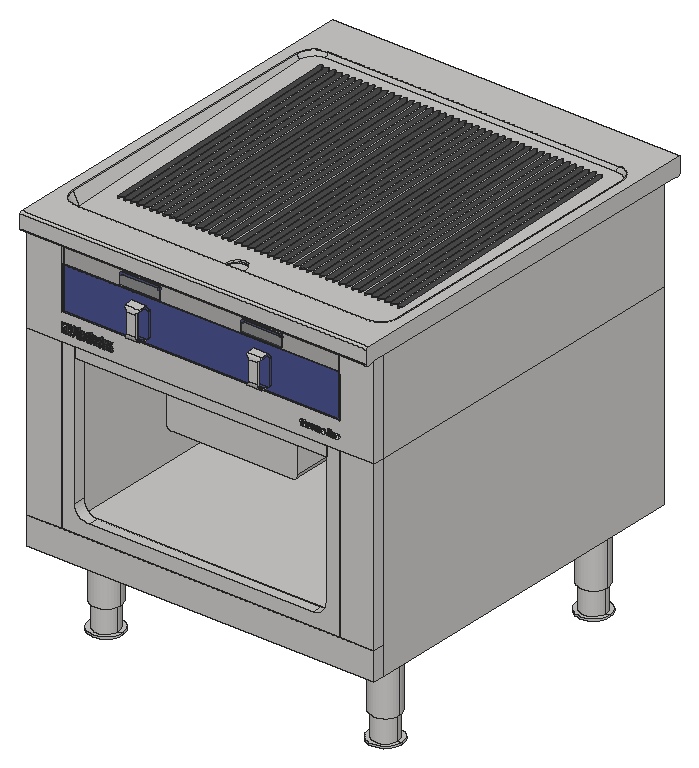
Revit family "QF_ELECTROLUXPROFESSIONAL_589839_MCH1EAH1DM", category Attrezzature speciali, Revit 2021
Family settings
  Quota connettore circolare = Usa diametro
  Tipo di parte = Normale
  Basato su piano di lavoro = No
  Sempre verticale = Sì
  Taglio con vuoti quando caricato = No
  Condiviso = No
  Punto di calcolo locali = No
Parameters (values of type "Standard")
  Weight = 150.00 kg
  Watts = 15300 W
  Volts = 440 V
  URL Manufacturer = "https://www.electroluxprofessional.com/"
  URL = "https://www.electroluxprofessional.com/"
  Steam Supply Size = 0"
  Steam Supply Minimum Pressure = 0.00 psi
  Steam Supply Maximum Pressure = 0.00 psi
  Steam Consumption per Hour = 0
  Refrigeration Suction Line Size = 0 mm
  Refrigeration Liquid Line Size = 0 mm
  Refrigerant Compressor Remote = yes
  Prospetto di default = 0 mm
  Phase = 3
  Modello = "MCH1EAH1DM"
  Produttore = "Electrolux Professional"
  Length Actual = 800 mm  # constant formula
  Item Number = "589839"
  Hot Water Size = 0"
  Height Actual = 700 mm  # constant formula
  HP = "20.5 HP"
  Gas Size = 0"
  Gas KW = 0
  Gas Input Pressure = 0.0 Btu/h
  Direct Waste Size = 0"
  Descrizione = "FRYTOP,H3,RBD,2Z,1S,800X900X700H MARINE"
  Depth Actual = 900 mm  # constant formula
  Cycle = 50 Hz
  Condensate Return Size = 0"
  Compressed Air Volume = 0 GPM
  Compressed Air Size = 0"
  Compressed Air Pressure = 0.00 psi
  Cold Water Size = 0"
  Accessory = yes
Reference planes
  plane 1 "BACK": y = 0
  plane 2: z = 0
  plane 3 "LEFT": x = 0
  plane 4 "RIGHT": x = 800
  plane 5 "FRONT": y = -900
  plane 6 "TOP": z = 900
  plane 7 "Center (Left/Right)": x = 400
  plane 8 "Center (Front/Back)": y = -425
  plane 9: y = -150
  plane 10: y = -65
  plane 11: y = -840
  plane 12 "EIY": y = -685
  plane 13: z = 938
  plane 14 "BaseTop": z = 650
  plane 15: y = -855
  plane 16 "Camino": y = -50
  plane 17 "EIx": x = 755
  plane 18: z = 1131
  plane 19 "PlaneRibbed": through (-6096, -65, 890) normal (0, -0.0251, 0.9997)
  plane 20 "Base": z = 200
Forms (mm)
  Extrusion 1, solid, material "QF_Finishes_Stainless Steel"
    sketch origin (-178.969, -4572, 100) x (-1, 0, 0) y (0, -1, 0)
      loop
        line (-178.969, -4527) -> (-178.969, -3717) -> (-978.969, -3717) -> (-978.969, -4527) -> (-178.969, -4527)
    from 550 to 762.969
  Extrusion 2, solid, material "QF_Finishes_Stainless Steel"
    sketch origin (400, 296.4, 1219.2) x (0, 1, 0) y (0, 0, 1)
      loop
        line (-296.4, -319.2) -> (-1191.4, -319.2)
        arc (-1191.4, -319.2) -> (-1194.935, -320.664) -> (-1196.4, -324.2) r 5
        line (-1196.4, -324.2) -> (-1196.4, -355.2)
        arc (-1196.4, -355.2) -> (-1194.971, -358.264) -> (-1191.705, -359.139) r 4
        line (-1191.705, -359.139) -> (-1176.4, -356.231) -> (-316.4, -356.231) -> (-301.094, -359.139)
        arc (-301.094, -359.139) -> (-297.829, -358.264) -> (-296.4, -355.2) r 4
        line (-296.4, -355.2) -> (-296.4, -319.2)
    from -400 to 400
  Extrusion 3, void
    sketch origin (0, -30, 900) x (-1, 0, 0) y (0, -1, 0)
      loop
        arc (-65, 65) -> (-36.716, 76.716) -> (-25, 105) r 40
        line (-25, 105) -> (-25, 750)
        arc (-25, 750) -> (-36.716, 778.284) -> (-65, 790) r 40
        line (-65, 790) -> (-735, 790)
        arc (-735, 790) -> (-763.284, 778.284) -> (-775, 750) r 40
        line (-775, 750) -> (-775, 105)
        arc (-775, 105) -> (-763.284, 76.716) -> (-735, 65) r 40
        line (-735, 65) -> (-65, 65)
    from 0 to -30
  Extrusion 4, solid, material "QF_Finishes_Stainless Steel"
    sketch origin (0, -50, 200) x (-1, 0, 0) y (0, -1, 0)
      loop
        circle (-755, 635) r 10.1
    from 0 to -10
  Sweep 5, solid, material "QF_Finishes_Stainless Steel"
    path origin (0, -30, 900) x (-1, 0, 0) y (0, -1, 0)
      loop
        line (-25, 105) -> (-25, 750)
        arc (-25, 750) -> (-36.716, 778.284) -> (-65, 790) r 40
        line (-65, 790) -> (-735, 790)
        arc (-735, 790) -> (-763.284, 778.284) -> (-775, 750) r 40
        line (-775, 750) -> (-775, 105)
        arc (-775, 105) -> (-763.284, 76.716) -> (-735, 65) r 40
        line (-735, 65) -> (-65, 65)
        arc (-65, 65) -> (-36.716, 76.716) -> (-25, 105) r 40
    profile origin (25, -457.5, 900) x (1, 0, 0) y (0, 0, 1)
      loop
        line (0, 0) -> (0, -30) -> (15, -30) -> (0, 0)
  Extrusion 6, void
    sketch origin (305.009, -30, 900) x (-1, 0, 0) y (0, -1, 0)
      loop
        circle (-94.991, 746) r 22.248
    from -32.282 to 0
  Extrusion 7, solid, material "QF_Finishes_Stainless Steel"
    sketch origin (400, 266.4, 1219.2) x (0, 1, 0) y (0, 0, 1)
      loop
        line (-1086.4, -349.2) -> (-361.4, -349.2) -> (-361.4, -329.2) -> (-1086.4, -347.399) -> (-1086.4, -349.2)
    from -375 to 375
  Extrusion 8, void
    sketch origin (290.252, -10, 900) x (-1, 0, 0) y (0, -1, 0)
      loop
        circle (-109.748, 765.667) r 22.248
    from -32.282 to 0
  Extrusion 9, solid, material "QF_Finishes_Stainless Steel"
    sketch origin (0, -425, 0) x (-1, 0, 0) y (0, 0, 1)
      loop
        line (-264.372, 616.232) -> (-236.622, 616.232)
        arc (-236.622, 616.232) -> (-235.738, 615.866) -> (-235.372, 614.982) r 1.25
        line (-235.372, 614.982) -> (-235.372, 584.482)
        arc (-235.372, 584.482) -> (-235.738, 583.598) -> (-236.622, 583.232) r 1.25
        line (-236.622, 583.232) -> (-249.372, 583.232) -> (-249.372, 582.232) -> (-236.622, 582.232)
        arc (-236.622, 582.232) -> (-235.031, 582.891) -> (-234.372, 584.482) r 2.25
        line (-234.372, 584.482) -> (-234.372, 614.982)
        arc (-234.372, 614.982) -> (-235.031, 616.573) -> (-236.622, 617.232) r 2.25
        line (-236.622, 617.232) -> (-264.372, 617.232) -> (-264.372, 616.232)
      loop
        line (-537.372, 616.232) -> (-537.372, 617.232) -> (-565.122, 617.232)
        arc (-565.122, 617.232) -> (-566.713, 616.573) -> (-567.372, 614.982) r 2.25
        line (-567.372, 614.982) -> (-567.372, 584.482)
        arc (-567.372, 584.482) -> (-566.713, 582.891) -> (-565.122, 582.232) r 2.25
        line (-565.122, 582.232) -> (-552.372, 582.232) -> (-552.372, 583.232) -> (-565.122, 583.232)
        arc (-565.122, 583.232) -> (-566.006, 583.598) -> (-566.372, 584.482) r 1.25
        line (-566.372, 584.482) -> (-566.372, 614.982)
        arc (-566.372, 614.982) -> (-566.006, 615.866) -> (-565.122, 616.232) r 1.25
        line (-565.122, 616.232) -> (-537.372, 616.232)
    from -365 to 360
  Extrusion 10, solid, material "QF_Finishes_Stainless Steel"
    sketch origin (0, -425, 0) x (-1, 0, 0) y (0, 0, 1)
      loop
        line (-249.872, 583.232) -> (-238.372, 583.232) -> (-238.372, 584.232) -> (-244.372, 590.232) -> (-557.372, 590.232) -> (-563.372, 584.232) -> (-563.372, 583.232) -> (-551.872, 583.232) -> (-551.872, 501.232)
        arc (-551.872, 501.232) -> (-548.65, 493.454) -> (-540.872, 490.232) r 11
        line (-540.872, 490.232) -> (-260.872, 490.232)
        arc (-260.872, 490.232) -> (-253.094, 493.454) -> (-249.872, 501.232) r 11
        line (-249.872, 501.232) -> (-249.872, 583.232)
    from -365 to 360
  Extrusion 11, void
    sketch origin (0, -425, 0) x (-1, 0, 0) y (0, 0, 1)
      loop
        line (-254.872, 501.232) -> (-254.872, 590.232) -> (-546.872, 590.232) -> (-546.872, 506.232)
        arc (-546.872, 506.232) -> (-543.65, 498.454) -> (-535.872, 495.232) r 11
        line (-535.872, 495.232) -> (-260.872, 495.232)
        arc (-260.872, 495.232) -> (-256.629, 496.99) -> (-254.872, 501.232) r 6
    from -350 to 355
  Extrusion 12, solid, material "QF_Finishes_Stainless Steel"
    sketch origin (0, -425, 0) x (-1, 0, 0) y (0, 0, 1)
      loop
        line (-690, 617.232) -> (-109.949, 617.232) -> (-109.949, 627) -> (-690, 627) -> (-690, 617.232)
    from -365 to -351.075
Cuts and joins
  Extrusion 3, Extrusion 6, Extrusion 8 cuts Extrusion 2
  Extrusion 8 cuts Sweep 5
  Extrusion 8 cuts Extrusion 7
  joined: Sweep 5, Extrusion 7
  Extrusion 11 cuts Extrusion 10
Lines and regions (mm)
  symbolic lines
    curve 1: line (0, 0, 100) -> (800, 0, 100)
    curve 2: line (0, -900, 100) -> (0, 0, 100)
    curve 3: line (800, -900, 100) -> (0, -900, 100)
    curve 4: line (800, 0, 100) -> (800, -900, 100)
    curve 5: line (734.029, -95, 0) -> (65.29, -95, 0)
    curve 6: line (65.29, -820, 0) -> (734.029, -820, 0)
    curve 7: line (65, -110, 900) -> (735, -110, 900)
    curve 8: line (735, -805, 900) -> (65, -805, 900)
    curve 9: arc (760, -780, 900) -> (752.678, -797.678, 900) -> (735, -805, 900) r 25
    curve 10: line (760, -135, 900) -> (760, -780, 900)
    curve 11: arc (735, -110, 900) -> (752.678, -117.322, 900) -> (760, -135, 900) r 25
    curve 12: circle (400, -776, 900) r 22.248 normal (0, 0, 1)
    curve 13: arc (90.5, -115.483, 900) -> (62.314, -127.096, 900) -> (50.5, -155.198, 900) r 39.994
    curve 14: line (90.5, -115.482, 900) -> (710.5, -115.482, 900)
    curve 15: line (50.5, -692.082, 900) -> (50.5, -155.198, 900)
    curve 16: arc (50.5, -692.082, 900) -> (62.314, -720.184, 900) -> (90.5, -731.797, 900) r 39.994
    curve 17: line (710.5, -731.798, 900) -> (90.5, -731.798, 900)
    curve 18: line (40.29, -738.526, 900) -> (760, -738.526, 900)
    curve 19: line (40.29, -748.526, 900) -> (760, -748.526, 900)
    curve 20: arc (65, -95, 900) -> (36.716, -106.716, 900) -> (25, -135, 900) r 40
    curve 21: line (25, -135, 900) -> (25, -780, 900)
    curve 22: arc (25, -780, 900) -> (36.716, -808.284, 900) -> (65, -820, 900) r 40
    curve 23: arc (735, -820, 900) -> (763.284, -808.284, 900) -> (775, -780, 900) r 40
    curve 24: line (775, -780, 900) -> (775, -135, 900)
    curve 25: arc (775, -135, 900) -> (763.284, -106.716, 900) -> (735, -95, 900) r 40
    curve 26: arc (709.5, -115.483, 900) -> (737.686, -127.096, 900) -> (749.5, -155.198, 900) r 39.994
    curve 27: line (749.5, -692.082, 900) -> (749.5, -155.198, 900)
    curve 28: arc (749.5, -692.082, 900) -> (737.686, -720.184, 900) -> (709.5, -731.797, 900) r 39.994
    curve 29: arc (65, -805, 900) -> (47.322, -797.678, 900) -> (40, -780, 900) r 25
    curve 30: line (40, -780, 900) -> (40, -135, 900)
    curve 31: arc (40, -135, 900) -> (47.322, -117.322, 900) -> (65, -110, 900) r 25
Dimensions and locks
  plane 3 "LEFT" to plane 4 "RIGHT" = 800 mm
  plane 5 "FRONT" to plane 1 "BACK" = 900 mm
  plane 3 "LEFT" to plane 7 "Center (Left/Right)" to plane 4 "RIGHT" = 400 mm, 400 mm
  plane 5 "FRONT" to plane 8 "Center (Front/Back)" to plane 1 "BACK" = 475 mm, 425 mm
  plane 6 "TOP" to level = 900 mm  (x2)
  plane 1 "BACK" to plane 9 = 150 mm
  plane 12 "EIY" to plane 1 "BACK" = 685 mm
  plane 13 to plane 6 "TOP" = 38 mm
  plane 10 to plane 1 "BACK" = 65 mm
  plane 5 "FRONT" to plane 11 = 60 mm
  locked: plane 6 "TOP" to plane 14 "BaseTop" at 250
  locked: plane 15 to plane 5 "FRONT" at 45
  plane 16 "Camino" to plane 1 "BACK" = 50 mm
  plane 17 "EIx" to plane 4 "RIGHT" = 45 mm
  plane 18 to plane 6 "TOP" = 231 mm
  plane 20 "Base" to level = 200 mm
  aligned and locked: level to plane 2
  aligned and locked: cut or joined group of Extrusion 2, Extrusion 3, Extrusion 6, Extrusion 8 to plane 3 "LEFT"
  aligned and locked: cut or joined group of Extrusion 2, Extrusion 3, Extrusion 6, Extrusion 8 to plane 4 "RIGHT"
  aligned and locked: nested 1 to plane 15
  aligned and locked: Extrusion 1 to plane 15
  aligned and locked: plane 3 "LEFT" to nested 1
  aligned and locked: Extrusion 1 to nested 24
  aligned and locked: nested 47 to plane 9
  aligned and locked: nested 48 to plane 9
Nested families
  nested 1: "Front_Panel_W800_2 Knobs" at (202.376, -855, 0), type "Front_Panel_W800_2 Knobs"
  nested 2: "Rib_D12" at (662.5, -409.667, 882.101) x (-1, 0, 0) z (0, -0.0251, 0.9997), type "Rib_D12"
    with Show Clearance yes, Lenght 588 mm
  nested 3: "Rib_D12" at (647.5, -409.667, 882.101) x (-1, 0, 0) z (0, -0.0251, 0.9997), type "Rib_D12"
    with Show Clearance yes, Lenght 588 mm
  nested 4: "Rib_D12" at (632.5, -409.667, 882.101) x (-1, 0, 0) z (0, -0.0251, 0.9997), type "Rib_D12"
    with Show Clearance yes, Lenght 588 mm
  nested 5: "Rib_D12" at (617.5, -409.667, 882.101) x (-1, 0, 0) z (0, -0.0251, 0.9997), type "Rib_D12"
    with Show Clearance yes, Lenght 588 mm
  nested 6: "Rib_D12" at (602.5, -409.667, 882.101) x (-1, 0, 0) z (0, -0.0251, 0.9997), type "Rib_D12"
    with Show Clearance yes, Lenght 588 mm
  nested 7: "Rib_D12" at (587.5, -409.667, 882.101) x (-1, 0, 0) z (0, -0.0251, 0.9997), type "Rib_D12"
    with Show Clearance yes, Lenght 588 mm
  nested 8: "Rib_D12" at (572.5, -409.667, 882.101) x (-1, 0, 0) z (0, -0.0251, 0.9997), type "Rib_D12"
    with Show Clearance yes, Lenght 588 mm
  nested 9: "Rib_D12" at (557.5, -409.667, 882.101) x (-1, 0, 0) z (0, -0.0251, 0.9997), type "Rib_D12"
    with Show Clearance yes, Lenght 588 mm
  nested 10: "Rib_D12" at (542.5, -409.667, 882.101) x (-1, 0, 0) z (0, -0.0251, 0.9997), type "Rib_D12"
    with Show Clearance yes, Lenght 588 mm
  nested 11: "Rib_D12" at (527.5, -409.667, 882.101) x (-1, 0, 0) z (0, -0.0251, 0.9997), type "Rib_D12"
    with Show Clearance yes, Lenght 588 mm
  nested 12: "Rib_D12" at (512.5, -409.667, 882.101) x (-1, 0, 0) z (0, -0.0251, 0.9997), type "Rib_D12"
    with Show Clearance yes, Lenght 588 mm
  nested 13: "Rib_D12" at (497.5, -409.667, 882.101) x (-1, 0, 0) z (0, -0.0251, 0.9997), type "Rib_D12"
    with Show Clearance yes, Lenght 588 mm
  nested 14: "Rib_D12" at (722.5, -409.667, 882.101) x (-1, 0, 0) z (0, -0.0251, 0.9997), type "Rib_D12"
    with Show Clearance yes, Lenght 588 mm
  nested 15: "Rib_D12" at (707.5, -409.667, 882.101) x (-1, 0, 0) z (0, -0.0251, 0.9997), type "Rib_D12"
    with Show Clearance yes, Lenght 588 mm
  nested 16: "Rib_D12" at (692.5, -409.667, 882.101) x (-1, 0, 0) z (0, -0.0251, 0.9997), type "Rib_D12"
    with Show Clearance yes, Lenght 588 mm
  nested 17: "Rib_D12" at (677.5, -409.667, 882.101) x (-1, 0, 0) z (0, -0.0251, 0.9997), type "Rib_D12"
    with Show Clearance yes, Lenght 588 mm
  nested 18: "Rib_D12" at (482.5, -409.667, 882.101) x (-1, 0, 0) z (0, -0.0251, 0.9997), type "Rib_D12"
    with Show Clearance yes, Lenght 588 mm
  nested 19: "Rib_D12" at (467.5, -409.667, 882.101) x (-1, 0, 0) z (0, -0.0251, 0.9997), type "Rib_D12"
    with Show Clearance yes, Lenght 588 mm
  nested 20: "Rib_D12" at (452.5, -409.667, 882.101) x (-1, 0, 0) z (0, -0.0251, 0.9997), type "Rib_D12"
    with Show Clearance yes, Lenght 588 mm
  nested 21: "Rib_D12" at (437.5, -409.667, 882.101) x (-1, 0, 0) z (0, -0.0251, 0.9997), type "Rib_D12"
    with Show Clearance yes, Lenght 588 mm
  nested 22: "Rib_D12" at (422.5, -409.667, 882.101) x (-1, 0, 0) z (0, -0.0251, 0.9997), type "Rib_D12"
    with Show Clearance yes, Lenght 588 mm
  nested 23: "Rib_D12" at (407.5, -409.667, 882.101) x (-1, 0, 0) z (0, -0.0251, 0.9997), type "Rib_D12"
    with Show Clearance yes, Lenght 588 mm
  nested 24: "QF_ELECTROLUXPROFESSIONAL_589840_BASE" at (0, 0, 0), type "QF_ELECTROLUXPROFESSIONAL_589840_BASE"
    with Type Mark "", Specification by User "", Revision Code "", Item Number "", Installed By "", Identify Quantity as Lot yes, Furnished By "", Foodservice Equipment Identifier yes
  nested 25: "Rib_D12" at (137.5, -409.667, 882.101) x (1, 0, 0) z (0, -0.0251, 0.9997), type "Rib_D12"
    with Show Clearance yes, Lenght 588 mm
  nested 26: "Rib_D12" at (152.5, -409.667, 882.101) x (1, 0, 0) z (0, -0.0251, 0.9997), type "Rib_D12"
    with Show Clearance yes, Lenght 588 mm
  nested 27: "Rib_D12" at (167.5, -409.667, 882.101) x (1, 0, 0) z (0, -0.0251, 0.9997), type "Rib_D12"
    with Show Clearance yes, Lenght 588 mm
  nested 28: "Rib_D12" at (182.5, -409.667, 882.101) x (1, 0, 0) z (0, -0.0251, 0.9997), type "Rib_D12"
    with Show Clearance yes, Lenght 588 mm
  nested 29: "Rib_D12" at (197.5, -409.667, 882.101) x (1, 0, 0) z (0, -0.0251, 0.9997), type "Rib_D12"
    with Show Clearance yes, Lenght 588 mm
  nested 30: "Rib_D12" at (212.5, -409.667, 882.101) x (1, 0, 0) z (0, -0.0251, 0.9997), type "Rib_D12"
    with Show Clearance yes, Lenght 588 mm
  nested 31: "Rib_D12" at (227.5, -409.667, 882.101) x (1, 0, 0) z (0, -0.0251, 0.9997), type "Rib_D12"
    with Show Clearance yes, Lenght 588 mm
  nested 32: "Rib_D12" at (242.5, -409.667, 882.101) x (1, 0, 0) z (0, -0.0251, 0.9997), type "Rib_D12"
    with Show Clearance yes, Lenght 588 mm
  nested 33: "Rib_D12" at (257.5, -409.667, 882.101) x (1, 0, 0) z (0, -0.0251, 0.9997), type "Rib_D12"
    with Show Clearance yes, Lenght 588 mm
  nested 34: "Rib_D12" at (272.5, -409.667, 882.101) x (1, 0, 0) z (0, -0.0251, 0.9997), type "Rib_D12"
    with Show Clearance yes, Lenght 588 mm
  nested 35: "Rib_D12" at (287.5, -409.667, 882.101) x (1, 0, 0) z (0, -0.0251, 0.9997), type "Rib_D12"
    with Show Clearance yes, Lenght 588 mm
  nested 36: "Rib_D12" at (302.5, -409.667, 882.101) x (1, 0, 0) z (0, -0.0251, 0.9997), type "Rib_D12"
    with Show Clearance yes, Lenght 588 mm
  nested 37: "Rib_D12" at (77.5, -409.667, 882.101) x (1, 0, 0) z (0, -0.0251, 0.9997), type "Rib_D12"
    with Show Clearance yes, Lenght 588 mm
  nested 38: "Rib_D12" at (92.5, -409.667, 882.101) x (1, 0, 0) z (0, -0.0251, 0.9997), type "Rib_D12"
    with Show Clearance yes, Lenght 588 mm
  nested 39: "Rib_D12" at (107.5, -409.667, 882.101) x (1, 0, 0) z (0, -0.0251, 0.9997), type "Rib_D12"
    with Show Clearance yes, Lenght 588 mm
  nested 40: "Rib_D12" at (122.5, -409.667, 882.101) x (1, 0, 0) z (0, -0.0251, 0.9997), type "Rib_D12"
    with Show Clearance yes, Lenght 588 mm
  nested 41: "Rib_D12" at (317.5, -409.667, 882.101) x (1, 0, 0) z (0, -0.0251, 0.9997), type "Rib_D12"
    with Show Clearance yes, Lenght 588 mm
  nested 42: "Rib_D12" at (332.5, -409.667, 882.101) x (1, 0, 0) z (0, -0.0251, 0.9997), type "Rib_D12"
    with Show Clearance yes, Lenght 588 mm
  nested 43: "Rib_D12" at (347.5, -409.667, 882.101) x (1, 0, 0) z (0, -0.0251, 0.9997), type "Rib_D12"
    with Show Clearance yes, Lenght 588 mm
  nested 44: "Rib_D12" at (362.5, -409.667, 882.101) x (1, 0, 0) z (0, -0.0251, 0.9997), type "Rib_D12"
    with Show Clearance yes, Lenght 588 mm
  nested 45: "Rib_D12" at (377.5, -409.667, 882.101) x (1, 0, 0) z (0, -0.0251, 0.9997), type "Rib_D12"
    with Show Clearance yes, Lenght 588 mm
  nested 46: "Rib_D12" at (392.5, -409.667, 882.101) x (1, 0, 0) z (0, -0.0251, 0.9997), type "Rib_D12"
    with Show Clearance yes, Lenght 588 mm
  nested 47: "FEET200_MARINE" at (78, -150, 0), type "FEET200_MARINE"
  nested 48: "FEET200_MARINE" at (722, -150, 0), type "FEET200_MARINE"
  nested 49: "FEET200_MARINE" at (78, -750, 0), type "FEET200_MARINE"
  nested 50: "FEET200_MARINE" at (722, -750, 0), type "FEET200_MARINE"
Connectors
  electrical at (755, -685, 190), driven by "Volts"
    settings: on Extrusion 4, index 1, voltage 440 V, apparent load 0 VA, apparent load phase1 0 VA, apparent load phase2 0 VA, apparent load phase3 0 VA, power factor 1, load classification "Other", number of poles 1, system type 30, power factor state 1, is connector primary yes, connector utility no, sub classification motor no, connector description "Electrical Connection"
Definition of nested family "Front_Panel_W800_2 Knobs"
  Parameters
    Default Elevation = 0 mm
  Reference planes
    plane 1 "Center (Front/Back)": y = 0
    plane 2: z = 0
    plane 3 "Center (Left/Right)": x = 197.624
    plane 4 "Left": x = -202.376
    plane 5 "Right": x = 597.624
    plane 6: y = -45
    plane 7: x = 127.624
    plane 8: x = 57.624
    plane 9: x = 337.624
    plane 10: x = 517.624
    plane 11: x = -122.376
    plane 12 "Panel": y = -25
  Forms (mm)
    Extrusion 1, solid
      sketch origin (833.217, 829.203, -1.25) x (0, 1, 0) y (0, 0, 1)
        loop
          line (-854.203, 651.25) -> (-829.203, 651.25) -> (-829.203, 864.25) -> (-854.203, 864.25) -> (-854.203, 651.25)
      from -1035.593 to -235.593
    Extrusion 2, void
      sketch origin (0, 0, 0) x (1, 0, 0) y (0, 0, 1)
        loop
          line (-122.376, 853.866) -> (-122.376, 711.866) -> (517.624, 711.866) -> (517.624, 853.866) -> (-122.376, 853.866)
      from 19.387 to 33.951
  Cuts and joins
    Extrusion 2 cuts Extrusion 1
  Dimensions and locks
    equal spacing: plane 5 "Right", plane 3 "Center (Left/Right)", plane 4 "Left"
    plane 5 "Right" to plane 4 "Left" = 800 mm
    plane 3 "Center (Left/Right)" to plane 7 = 70 mm
    plane 9 to plane 3 "Center (Left/Right)" = 140 mm
    plane 3 "Center (Left/Right)" to plane 8 = 140 mm
    aligned and locked: cut or joined group of Extrusion 1, Extrusion 2 to plane 4 "Left"
    aligned and locked: plane 5 "Right" to cut or joined group of Extrusion 1, Extrusion 2
    aligned and locked: plane 3 "Center (Left/Right)" to nested 1
    aligned and locked: cut or joined group of Extrusion 1, Extrusion 2 to nested 1
    aligned and locked: nested 5 to plane 11
  Automatic sketch dimensions
    Extrusion 1 sketch curve to plane 1 "Center (Front/Back)" = 0 mm
    level to Extrusion 1 sketch curve = 650 mm
    plane 4 "Left" to Extrusion 2 sketch curve = 80 mm
    Extrusion 2 sketch curve to plane 5 "Right" = 80 mm
    level to Extrusion 2 sketch curve = 711.866 mm
    Extrusion 2 sketch curve to Extrusion 2 sketch curve = 142 mm
    Extrusion 1 sketch curve to plane 6 = 20 mm
    Extrusion 1 sketch curve to Extrusion 1 sketch curve = 213 mm
  Nested families
    nested 1: "Front glass control panel W800_Two" at (197.624, 280.644, 2.752), type "Front glass control panel W800_Two"
    nested 2: "Range Control Handle" at (57.851, -28.137, -209.113) x (-1, 0, 0) z (0, 0, 1), type "Range Control Handle"
    nested 3: "Range Control Handle" at (337.624, -28.137, -209.113), type "Range Control Handle"
    nested 4: "ELX_ThermaLine_Small" at (469.031, -25, 679.402) x (1, 0, 0) z (0, -1, 0), type "ELX_ThermaLine_Small"
      with Show Logo yes, Material_Logo none
    nested 5: "ELX_Professional_Logo_Small" at (-62.89, -25, 681.634) x (1, 0, 0) z (0, -1, 0), type "ELX_Professional_Logo_Small"
      with Show Logo yes, Material_Logo none
  Definition of nested family "Front glass control panel W800_Two"
    Parameters
      Default Elevation = 0 mm
    Reference planes
      plane 1 "Center (Front/Back)": y = 0
      plane 2: z = 0
      plane 3 "Center (Left/Right)": x = 0
      plane 4: x = -140
      plane 5: x = 140
    Forms (mm)
      Extrusion 1, solid
        sketch origin (378.286, 0, 0.617) x (1, 0, 0) y (0, 0, 1)
          loop
            line (-698.286, 806.791) -> (-698.286, 708.497) -> (-58.286, 708.497) -> (-58.286, 806.791) -> (-698.286, 806.791)
        from 300.031 to 304.8
      Extrusion 2, solid
        sketch origin (378.286, 0, 0.617) x (1, 0, 0) y (0, 0, 1)
          loop
            line (-698.286, 850.497) -> (-698.286, 806.791) -> (-58.286, 806.791) -> (-58.286, 850.497) -> (-698.286, 850.497)
        from 300.031 to 304.8
      Extrusion 3, void
        sketch origin (378.286, 0, 0.617) x (1, 0, 0) y (0, 0, 1)
          loop
            line (-695.628, 847.565) -> (-695.628, 710.699) -> (-61.196, 710.699) -> (-61.196, 847.565) -> (-695.628, 847.565)
        from 303.697 to 304.8
      Extrusion 4, solid
        sketch origin (-448.309, 1.101, -0.633) x (-1, 0, 0) y (0, 0, -1)
          loop
            line (-261.431, -812.62) -> (-355.186, -812.62) -> (-355.186, -834.177) -> (-350.269, -834.177) -> (-348.469, -835.977) -> (-268.039, -835.977) -> (-266.24, -834.177) -> (-261.431, -834.177) -> (-261.431, -812.62)
        from 304.798 to 306.745
      Extrusion 5, solid
        sketch origin (-448.309, 1.101, -0.633) x (-1, 0, 0) y (0, 0, -1)
          loop
            line (-350.269, -834.177) -> (-355.078, -834.177)
            arc (-355.078, -834.177) -> (-353.942, -838.747) -> (-349.686, -840.763) r 5.5
            line (-349.686, -840.763) -> (-266.98, -840.763)
            arc (-266.98, -840.763) -> (-262.706, -838.752) -> (-261.529, -834.177) r 5.549
            line (-261.529, -834.177) -> (-266.24, -834.177) -> (-268.039, -835.977) -> (-348.469, -835.977) -> (-350.269, -834.177)
        from 304.798 to 306.745
      Extrusion 6, solid
        sketch origin (448.309, 1.101, -0.633) x (1, 0, 0) y (0, 0, 1)
          loop
            line (-261.431, 812.62) -> (-261.431, 834.177) -> (-266.24, 834.177) -> (-268.039, 835.977) -> (-348.469, 835.977) -> (-350.269, 834.177) -> (-355.186, 834.177) -> (-355.186, 812.62) -> (-261.431, 812.62)
        from 304.798 to 306.745
      Extrusion 7, solid
        sketch origin (448.309, 1.101, -0.633) x (1, 0, 0) y (0, 0, 1)
          loop
            line (-350.269, 834.177) -> (-348.469, 835.977) -> (-268.039, 835.977) -> (-266.24, 834.177) -> (-261.529, 834.177)
            arc (-261.529, 834.177) -> (-262.706, 838.752) -> (-266.98, 840.763) r 5.549
            line (-266.98, 840.763) -> (-349.686, 840.763)
            arc (-349.686, 840.763) -> (-353.942, 838.747) -> (-355.078, 834.177) r 5.5
            line (-355.078, 834.177) -> (-350.269, 834.177)
        from 304.798 to 306.745
    Cuts and joins
      Extrusion 3 cuts Extrusion 1
      Extrusion 3 cuts Extrusion 2
    Dimensions and locks
      plane 3 "Center (Left/Right)" to plane 4 = 140 mm
      plane 5 to plane 3 "Center (Left/Right)" = 140 mm
      aligned and locked: Extrusion 1 to Extrusion 2
      aligned and locked: Extrusion 5 sketch curve to Extrusion 4  (x5)
      aligned and locked: Extrusion 5 to Extrusion 4
      aligned and locked: Extrusion 7 sketch curve to Extrusion 6  (x4)
      aligned and locked: Extrusion 6 to Extrusion 7 sketch curve
      aligned and locked: Extrusion 7 to Extrusion 6
  Definition of nested family "Range Control Handle"
    Parameters
      Default Elevation = 0 mm
    Reference planes
      plane 1 "Center (Front/Back)": y = 0
      plane 2: z = 0
      plane 3 "Center (Left/Right)": x = 0
      plane 4: z = 971.092
      plane 5: y = -16.9
    Forms (mm)
      Extrusion 1, solid
        sketch origin (-746.28, 380.497, 208.931) x (-1, 0, 0) y (0, 0, 1)
          loop
            line (-770.101, 786.798) -> (-770.101, 731.649)
            arc (-770.101, 731.649) -> (-769.759, 730.563) -> (-768.855, 729.87) r 1.893
            line (-768.855, 729.87) -> (-763.474, 727.911) -> (-729.81, 727.911) -> (-724.428, 729.87)
            arc (-724.428, 729.87) -> (-723.525, 730.563) -> (-723.183, 731.649) r 1.893
            line (-723.183, 731.649) -> (-723.183, 786.798)
            arc (-723.183, 786.798) -> (-723.529, 787.894) -> (-724.44, 788.593) r 1.91
            line (-724.44, 788.593) -> (-729.683, 790.819) -> (-763.601, 790.819) -> (-768.844, 788.593)
            arc (-768.844, 788.593) -> (-769.755, 787.894) -> (-770.101, 786.798) r 1.91
        from -382.35 to -378.852
      Sweep 2, solid
        path origin (-746.788, 380.496, 208.091) x (0, -1, 0) y (0, 0, 1)
          loop
            line (379.775, 793.281) -> (395.661, 791.048)
            arc (395.661, 791.048) -> (397.781, 787.377) -> (398.517, 783.202) r 12.207
            line (398.517, 783.202) -> (398.517, 737.368)
            arc (398.517, 737.368) -> (397.781, 733.193) -> (395.661, 729.522) r 12.207
            line (395.661, 729.522) -> (379.775, 727.289)
        profile origin (-746.788, -7.222, 1000.256) x (0, -0.139173, 0.990268) y (-1, 0, 0)
          loop
            line (0.782, -763.123) -> (0.782, -730.907) -> (-1.322, -730.907) -> (-1.322, -763.123) -> (0.782, -763.123)
      Sweep 3, solid
        path origin (-746.788, 380.715, 207.832) x (0, -1, 0) y (0, 0, 1)
          loop
            line (380.478, 795.442) -> (397.218, 793.09)
            arc (397.218, 793.09) -> (399.929, 788.473) -> (400.871, 783.202) r 15.207
            line (400.871, 783.202) -> (400.871, 737.584)
            arc (400.871, 737.584) -> (399.914, 732.274) -> (397.164, 727.633) r 15.207
            line (397.164, 727.633) -> (380.601, 725.305)
        profile origin (-746.788, -8.132, 1002.099) x (0, -0.139173, 0.990268) y (-1, 0, 0)
          loop
            line (0.782, -763.123) -> (0.782, -730.907) -> (-1.322, -730.907) -> (-1.322, -763.123) -> (0.782, -763.123)
      Extrusion 4, void
        sketch origin (889.253, 220.666, 207.993) x (1, 0, 0) y (0, 0, 1)
          loop
            line (-943.038, 816.854) -> (-943.038, 703.686) -> (-899.466, 734.196) -> (-899.466, 786.344) -> (-943.038, 816.854)
        from 230.636 to 242.25
      Extrusion 5, void
        sketch origin (-888.8, 220.666, 207.993) x (-1, 0, 0) y (0, 0, -1)
          loop
            line (-943.038, -816.854) -> (-899.466, -786.344) -> (-899.466, -734.196) -> (-943.038, -703.686) -> (-943.038, -816.854)
        from 230.636 to 242.25
      Extrusion 6, solid
        sketch origin (0, 0, 0) x (1, 0, 0) y (0, 0, 1)
          loop
            circle (0, 971.092) r 7.736
        from -3.137 to -1.645
    Cuts and joins
      Extrusion 4, Extrusion 5 cuts Sweep 3
      Extrusion 4, Extrusion 5 cuts Sweep 2
      joined: Extrusion 1, Extrusion 6
    Lines and regions (mm)
      symbolic lines
        curve 1: line (16.334, -16.9, 0) -> (16.334, -19.227, 0)
        curve 2: spline (16.334, -19.227, 0) -> (15.87, -19.385, 0) -> (15.404, -19.536, 0) -> (14.936, -19.678, 0) -> (14.466, -19.813, 0) -> (13.995, -19.94, 0) -> (13.523, -20.059, 0) -> (13.049, -20.171, 0) -> (12.575, -20.274, 0) -> (12.099, -20.37, 0) -> (11.622, -20.458, 0) -> (11.144, -20.537, 0) -> (10.666, -20.609, 0)
        curve 3: line (10.666, -16.9, 0) -> (10.666, -20.938, 0)
        curve 4: line (-10.213, -20.938, 0) -> (10.666, -20.938, 0)
        curve 5: line (-10.213, -20.938, 0) -> (-10.213, -16.9, 0)
        curve 6: spline (-10.213, -20.609, 0) -> (-10.691, -20.537, 0) -> (-11.169, -20.458, 0) -> (-11.646, -20.37, 0) -> (-12.122, -20.274, 0) -> (-12.597, -20.171, 0) -> (-13.07, -20.059, 0) -> (-13.542, -19.94, 0) -> (-14.013, -19.813, 0) -> (-14.483, -19.678, 0) -> (-14.951, -19.536, 0) -> (-15.417, -19.385, 0) -> (-15.881, -19.227, 0)
        curve 7: line (-15.881, -19.227, 0) -> (-15.881, -16.9, 0)
  Definition of nested family "ELX_ThermaLine_Small"
    Parameters
      Show Logo [instance] = yes
      Material_Logo [instance] = none
      Default Elevation = 0 mm
    Reference planes
      plane 1 "Centro (Fronte/Retro)": y = 0
      plane 2: z = 0
      plane 3 "Centro (Sinistra/Destra)": x = 0
    Forms (mm)
      Extrusion 1, solid
        sketch origin (0, 0, 0) x (1, 0, 0) y (0, 1, 0)
          loop
            line (-1219.2, 1219.2) -> (-1219.2, -1219.2) -> (1219.2, -1219.2) -> (1219.2, 1219.2) -> (-1219.2, 1219.2)
        from 0 to -304.8
      Extrusion 2, solid
        sketch origin (0, 0, 0) x (1, 0, 0) y (0, 1, 0)
          loop
            line (-37.494, 1.229) -> (-35.908, 1.229) -> (-35.908, 3.066) -> (-37.494, 3.066) -> (-37.494, 6.221) -> (-39.867, 4.881) -> (-39.867, 3.066) -> (-40.969, 3.066) -> (-40.969, 1.229) -> (-39.867, 1.229) -> (-39.867, -3.407)
            arc (-39.867, -3.407) -> (-38.982, -5.513) -> (-36.751, -6.001) r 2.478
            line (-36.751, -6.001) -> (-35.638, -5.7) -> (-35.9, -3.835) -> (-36.661, -4.039)
            arc (-36.661, -4.039) -> (-37.236, -3.924) -> (-37.494, -3.399) r 0.662
            line (-37.494, -3.399) -> (-37.494, 1.229)
          loop
            line (-34.242, 6.539) -> (-34.242, -5.848) -> (-31.854, -5.848) -> (-31.854, -0.078)
            arc (-31.854, -0.078) -> (-30.939, 1.249) -> (-29.33, 1.367) r 1.866
            arc (-29.33, 1.367) -> (-28.695, 0.768) -> (-28.461, -0.073) r 1.627
            line (-28.461, -0.073) -> (-28.461, -5.848) -> (-26.086, -5.848) -> (-26.064, -0.46)
            arc (-26.064, -0.46) -> (-26.261, 0.932) -> (-26.786, 2.237) r 5.825
            arc (-26.786, 2.237) -> (-29.381, 3.264) -> (-31.854, 1.971) r 3.353
            line (-31.854, 1.971) -> (-31.854, 6.539) -> (-34.242, 6.539)
          loop
            arc (-18.398, -0.598) -> (-18.893, 0.879) -> (-20.326, 1.487) r 1.897
            arc (-20.326, 1.487) -> (-21.461, 0.708) -> (-21.897, -0.598) r 2.164
            line (-21.897, -0.598) -> (-18.398, -0.598)
          loop
            arc (-16.021, -2.044) -> (-16.754, 1.227) -> (-19.444, 3.226) r 4.814
            arc (-19.444, 3.226) -> (-22.137, 2.788) -> (-23.943, 0.743) r 4.054
            arc (-23.943, 0.743) -> (-24.382, -1.249) -> (-24.162, -3.276) r 6.289
            arc (-24.162, -3.276) -> (-23.302, -4.71) -> (-21.958, -5.705) r 4.28
            arc (-21.958, -5.705) -> (-18.558, -5.814) -> (-16.152, -3.409) r 4.28
            line (-16.152, -3.409) -> (-18.5, -2.995)
            arc (-18.5, -2.995) -> (-19.273, -3.994) -> (-20.533, -4.076) r 1.536
            arc (-20.533, -4.076) -> (-21.56, -3.281) -> (-21.958, -2.044) r 2.197
            line (-21.958, -2.044) -> (-16.021, -2.044)
          loop
            line (-14.165, -5.848) -> (-11.819, -5.848) -> (-11.819, -2.138)
            arc (-11.819, -2.138) -> (-11.787, -1.156) -> (-11.637, -0.185) r 8.18
            arc (-11.637, -0.185) -> (-10.644, 0.972) -> (-9.132, 0.776) r 1.603
            line (-9.132, 0.776) -> (-8.419, 2.846)
            arc (-8.419, 2.846) -> (-10.432, 3.118) -> (-11.994, 1.821) r 2.527
            line (-11.994, 1.821) -> (-11.994, 3.094) -> (-14.165, 3.094) -> (-14.165, -5.848)
          loop
            line (-7.579, 3.094) -> (-7.579, -5.848) -> (-5.178, -5.848) -> (-5.178, -0.756)
            arc (-5.178, -0.756) -> (-4.727, 0.679) -> (-3.417, 1.419) r 2.05
            arc (-3.417, 1.419) -> (-2.499, 0.908) -> (-2.155, -0.085) r 1.471
            line (-2.155, -0.085) -> (-2.155, -5.848) -> (0.23, -5.848) -> (0.23, -1.001)
            arc (0.23, -1.001) -> (0.47, 0.127) -> (1.148, 1.061) r 2.775
            arc (1.148, 1.061) -> (2.225, 1.329) -> (3.05, 0.587) r 1.182
            arc (3.05, 0.587) -> (3.199, -0.019) -> (3.214, -0.642) r 2.894
            line (3.214, -0.642) -> (3.214, -5.848) -> (5.601, -5.848) -> (5.601, 0.261)
            arc (5.601, 0.261) -> (4.87, 2.263) -> (2.976, 3.241) r 2.932
            arc (2.976, 3.241) -> (1.284, 2.973) -> (-0.047, 1.896) r 3.309
            arc (-0.047, 1.896) -> (-1.116, 2.865) -> (-2.506, 3.258) r 3.16
            arc (-2.506, 3.258) -> (-4.105, 2.942) -> (-5.376, 1.92) r 3.419
            line (-5.376, 1.92) -> (-5.376, 3.094) -> (-7.579, 3.094)
          loop
            line (7.583, 0.738) -> (9.702, 0.364)
            arc (9.702, 0.364) -> (11.441, 1.492) -> (12.855, -0.023) r 1.613
            line (12.855, -0.023) -> (9.782, -0.789)
            arc (9.782, -0.789) -> (8.559, -1.346) -> (7.617, -2.305) r 3.687
            arc (7.617, -2.305) -> (7.499, -3.681) -> (7.901, -5.003) r 3.651
            arc (7.901, -5.003) -> (9.107, -5.766) -> (10.515, -6.006) r 3.635
            arc (10.515, -6.006) -> (11.898, -5.697) -> (13.067, -4.895) r 3.734
            line (13.067, -4.895) -> (13.376, -5.848) -> (15.75, -5.848) -> (15.212, -4.193) -> (15.212, 0.38)
            arc (15.212, 0.38) -> (14.897, 1.849) -> (13.818, 2.895) r 2.585
            arc (13.818, 2.895) -> (11.792, 3.442) -> (9.719, 3.11) r 5.005
            arc (9.719, 3.11) -> (8.369, 2.178) -> (7.583, 0.738) r 3.54
          loop
            line (19.723, -5.848) -> (22.233, -5.848) -> (24.854, 6.484) -> (22.345, 6.484) -> (19.723, -5.848)
          loop
            line (24.583, -5.848) -> (26.953, -5.848) -> (28.848, 3.066) -> (26.478, 3.066) -> (24.583, -5.848)
          loop
            line (27.204, 6.484) -> (26.741, 4.305) -> (29.111, 4.305) -> (29.575, 6.484) -> (27.204, 6.484)
          loop
            line (29.355, -5.848) -> (31.849, -5.848) -> (33.098, 0.028)
            arc (33.098, 0.028) -> (34.169, 1.306) -> (35.832, 1.422) r 2.132
            arc (35.832, 1.422) -> (36.324, 0.752) -> (36.383, -0.078) r 1.5
            line (36.383, -0.078) -> (35.157, -5.848) -> (37.536, -5.848) -> (38.936, 0.738)
            arc (38.936, 0.738) -> (38.775, 2.091) -> (37.825, 3.066) r 2.118
            arc (37.825, 3.066) -> (35.392, 3.175) -> (33.295, 1.937) r 4.271
            line (33.295, 1.937) -> (33.535, 3.066) -> (31.25, 3.066) -> (29.355, -5.848)
          loop
            line (42.792, -0.64) -> (46.589, -0.64)
            arc (46.589, -0.64) -> (46.639, 0.124) -> (46.327, 0.823) r 1.589
            arc (46.327, 0.823) -> (45.117, 1.521) -> (43.762, 1.183) r 1.865
            arc (43.762, 1.183) -> (43.141, 0.344) -> (42.792, -0.64) r 3.538
          loop
            line (42.565, -2.138) -> (48.593, -2.138)
            arc (48.593, -2.138) -> (48.58, 0.597) -> (46.983, 2.818) r 4.494
            arc (46.983, 2.818) -> (44.191, 3.28) -> (41.725, 1.891) r 4.26
            arc (41.725, 1.891) -> (40.503, -0.3) -> (40.284, -2.799) r 6.003
            arc (40.284, -2.799) -> (40.959, -4.468) -> (42.377, -5.576) r 3.482
            arc (42.377, -5.576) -> (44.265, -5.961) -> (46.152, -5.576) r 4.823
            arc (46.152, -5.576) -> (47.432, -4.731) -> (48.328, -3.485) r 4.245
            line (48.328, -3.485) -> (46.168, -3.105)
            arc (46.168, -3.105) -> (45.214, -4.072) -> (43.859, -4.181) r 1.953
            arc (43.859, -4.181) -> (42.821, -3.408) -> (42.565, -2.138) r 1.81
          loop
            line (12.868, -1.553) -> (10.216, -2.214)
            arc (10.216, -2.214) -> (9.747, -3.136) -> (10.216, -4.058) r 1.14
            arc (10.216, -4.058) -> (11.537, -4.249) -> (12.614, -3.46) r 1.763
            arc (12.614, -3.46) -> (12.858, -2.522) -> (12.868, -1.553) r 3.97
        from 0 to 1.6
    Dimensions and locks
      aligned and locked: plane 2 to Extrusion 1
      aligned and locked: level to Extrusion 1
  Definition of nested family "ELX_Professional_Logo_Small"
    Parameters
      Show Logo [instance] = yes
      Material_Logo [instance] = none
      Default Elevation = 0 mm
    Reference planes
      plane 1 "Centro (Fronte/Retro)": y = 0
      plane 2: z = 0
      plane 3 "Centro (Sinistra/Destra)": x = 0
    Forms (mm)
      Extrusion 1, solid
        sketch origin (0, 0, 0) x (1, 0, 0) y (0, 1, 0)
          loop
            line (-1219.2, 1219.2) -> (-1219.2, -1219.2) -> (1219.2, -1219.2) -> (1219.2, 1219.2) -> (-1219.2, 1219.2)
        from 0 to -304.8
      Extrusion 2, solid, material <- "Material_Logo"
        sketch origin (15.5, 0, 0) x (1, 0, 0) y (0, 1, 0)
          loop
            spline (-42.99, -1.24) -> (-43.195, -1.231) -> (-43.415, -1.203) -> (-43.642, -1.152) -> (-43.87, -1.074) -> (-44.095, -0.966) -> (-44.309, -0.825) -> (-44.506, -0.647) -> (-44.681, -0.429) -> (-44.828, -0.167) -> (-44.94, 0.142) -> (-45.011, 0.501) -> (-45.037, 0.915)
            line (-45.037, 0.915) -> (-45.037, 2.748) -> (-38.984, 2.748) -> (-38.984, 5.086) -> (-45.038, 5.086) -> (-45.038, 8.489) -> (-38.599, 8.489) -> (-38.599, 10.82) -> (-47.515, 10.82) -> (-47.515, 1.021)
            spline (-47.515, 1.021) -> (-47.493, 0.418) -> (-47.425, -0.15) -> (-47.311, -0.682) -> (-47.15, -1.175) -> (-46.939, -1.628) -> (-46.678, -2.038) -> (-46.365, -2.404) -> (-46, -2.723) -> (-45.58, -2.995) -> (-45.105, -3.216) -> (-44.573, -3.385) -> (-43.983, -3.499)
            line (-43.983, -3.499) -> (-43.01, -3.569) -> (-38.426, -3.569) -> (-38.426, -1.24) -> (-42.99, -1.24)
          loop
            line (-36.666, 4.021) -> (-36.666, -3.573) -> (-34.188, -3.573) -> (-34.188, 10.824) -> (-36.666, 10.824) -> (-36.666, 4.021)
          loop
            spline (-21.915, 1.897) -> (-21.957, 2.615) -> (-22.082, 3.303) -> (-22.285, 3.955) -> (-22.563, 4.564) -> (-22.913, 5.124) -> (-23.331, 5.629) -> (-23.814, 6.074) -> (-24.359, 6.451) -> (-24.961, 6.755) -> (-25.618, 6.98) -> (-26.326, 7.119) -> (-27.081, 7.167)
            spline (-27.081, 7.167) -> (-27.853, 7.122) -> (-28.586, 6.99) -> (-29.275, 6.774) -> (-29.915, 6.478) -> (-30.5, 6.104) -> (-31.024, 5.657) -> (-31.483, 5.138) -> (-31.871, 4.553) -> (-32.182, 3.904) -> (-32.411, 3.194) -> (-32.552, 2.427) -> (-32.6, 1.606)
            spline (-32.6, 1.606) -> (-32.553, 0.805) -> (-32.416, 0.057) -> (-32.193, -0.637) -> (-31.887, -1.271) -> (-31.504, -1.843) -> (-31.048, -2.35) -> (-30.523, -2.788) -> (-29.934, -3.154) -> (-29.284, -3.444) -> (-28.579, -3.656) -> (-27.822, -3.785) -> (-27.019, -3.829)
            spline (-27.019, -3.829) -> (-26.627, -3.82) -> (-26.239, -3.79) -> (-25.856, -3.739) -> (-25.477, -3.663) -> (-25.103, -3.562) -> (-24.734, -3.432) -> (-24.369, -3.273) -> (-24.01, -3.082) -> (-23.655, -2.858) -> (-23.305, -2.597) -> (-22.96, -2.299) -> (-22.621, -1.962)
            line (-22.621, -1.962) -> (-24.114, -0.509)
            spline (-24.114, -0.509) -> (-24.311, -0.699) -> (-24.509, -0.872) -> (-24.71, -1.03) -> (-24.915, -1.172) -> (-25.126, -1.297) -> (-25.346, -1.407) -> (-25.576, -1.5) -> (-25.817, -1.576) -> (-26.072, -1.636) -> (-26.342, -1.678) -> (-26.629, -1.704) -> (-26.936, -1.713)
            spline (-26.936, -1.713) -> (-27.384, -1.691) -> (-27.805, -1.625) -> (-28.196, -1.518) -> (-28.556, -1.372) -> (-28.882, -1.187) -> (-29.174, -0.966) -> (-29.429, -0.71) -> (-29.645, -0.422) -> (-29.821, -0.102) -> (-29.955, 0.247) -> (-30.045, 0.623) -> (-30.089, 1.026)
            line (-30.089, 1.026) -> (-21.956, 1.026) -> (-21.915, 1.897)
          loop
            spline (-24.446, 2.769) -> (-24.47, 3.075) -> (-24.54, 3.37) -> (-24.654, 3.65) -> (-24.807, 3.913) -> (-24.996, 4.156) -> (-25.219, 4.376) -> (-25.472, 4.57) -> (-25.753, 4.736) -> (-26.057, 4.869) -> (-26.382, 4.968) -> (-26.724, 5.03) -> (-27.081, 5.051)
            spline (-27.081, 5.051) -> (-27.464, 5.03) -> (-27.832, 4.97) -> (-28.183, 4.872) -> (-28.513, 4.74) -> (-28.819, 4.577) -> (-29.099, 4.384) -> (-29.347, 4.165) -> (-29.563, 3.923) -> (-29.742, 3.659) -> (-29.881, 3.377) -> (-29.977, 3.079) -> (-30.027, 2.769)
            line (-30.027, 2.769) -> (-24.446, 2.769)
          loop
            spline (-18.167, 1.669) -> (-18.138, 2.13) -> (-18.055, 2.567) -> (-17.921, 2.978) -> (-17.739, 3.358) -> (-17.512, 3.705) -> (-17.243, 4.016) -> (-16.937, 4.287) -> (-16.596, 4.517) -> (-16.223, 4.7) -> (-15.823, 4.835) -> (-15.398, 4.919) -> (-14.951, 4.947)
            spline (-14.951, 4.947) -> (-14.677, 4.938) -> (-14.414, 4.913) -> (-14.162, 4.871) -> (-13.921, 4.812) -> (-13.69, 4.738) -> (-13.467, 4.649) -> (-13.254, 4.544) -> (-13.048, 4.424) -> (-12.85, 4.291) -> (-12.659, 4.143) -> (-12.474, 3.981) -> (-12.295, 3.806)
            line (-12.295, 3.806) -> (-10.76, 5.403)
            spline (-10.76, 5.403) -> (-11.065, 5.709) -> (-11.38, 5.984) -> (-11.703, 6.228) -> (-12.035, 6.443) -> (-12.375, 6.63) -> (-12.723, 6.788) -> (-13.078, 6.92) -> (-13.44, 7.026) -> (-13.809, 7.107) -> (-14.184, 7.164) -> (-14.564, 7.198) -> (-14.951, 7.209)
            spline (-14.951, 7.209) -> (-15.725, 7.161) -> (-16.467, 7.02) -> (-17.169, 6.792) -> (-17.826, 6.482) -> (-18.43, 6.096) -> (-18.976, 5.637) -> (-19.455, 5.112) -> (-19.862, 4.525) -> (-20.19, 3.882) -> (-20.433, 3.189) -> (-20.584, 2.449) -> (-20.635, 1.669)
            spline (-20.635, 1.669) -> (-20.584, 0.889) -> (-20.433, 0.149) -> (-20.19, -0.545) -> (-19.862, -1.187) -> (-19.455, -1.774) -> (-18.976, -2.299) -> (-18.43, -2.758) -> (-17.826, -3.145) -> (-17.169, -3.454) -> (-16.467, -3.682) -> (-15.725, -3.823) -> (-14.951, -3.871)
            spline (-14.951, -3.871) -> (-14.564, -3.86) -> (-14.184, -3.826) -> (-13.809, -3.77) -> (-13.44, -3.689) -> (-13.078, -3.583) -> (-12.723, -3.451) -> (-12.375, -3.292) -> (-12.035, -3.105) -> (-11.703, -2.89) -> (-11.38, -2.646) -> (-11.065, -2.371) -> (-10.76, -2.066)
            line (-10.76, -2.066) -> (-12.295, -0.468)
            spline (-12.295, -0.468) -> (-12.474, -0.643) -> (-12.659, -0.805) -> (-12.85, -0.953) -> (-13.048, -1.087) -> (-13.254, -1.206) -> (-13.467, -1.311) -> (-13.69, -1.4) -> (-13.921, -1.475) -> (-14.162, -1.533) -> (-14.414, -1.575) -> (-14.677, -1.6) -> (-14.951, -1.609)
            spline (-14.951, -1.609) -> (-15.398, -1.581) -> (-15.823, -1.497) -> (-16.223, -1.362) -> (-16.596, -1.179) -> (-16.937, -0.95) -> (-17.243, -0.678) -> (-17.512, -0.367) -> (-17.739, -0.02) -> (-17.921, 0.36) -> (-18.055, 0.771) -> (-18.138, 1.208) -> (-18.167, 1.669)
          loop
            spline (-4.441, -1.243) -> (-4.659, -1.247) -> (-4.894, -1.23) -> (-5.137, -1.19) -> (-5.384, -1.121) -> (-5.628, -1.021) -> (-5.864, -0.884) -> (-6.084, -0.708) -> (-6.283, -0.488) -> (-6.454, -0.219) -> (-6.592, 0.101) -> (-6.69, 0.478) -> (-6.742, 0.914)
            line (-6.742, 0.914) -> (-6.742, 4.587) -> (-4.487, 4.587) -> (-4.487, 6.838) -> (-6.738, 6.838) -> (-6.738, 10.824) -> (-9.217, 10.824) -> (-9.217, 0.773)
            spline (-9.217, 0.773) -> (-9.164, 0.19) -> (-9.068, -0.358) -> (-8.928, -0.87) -> (-8.742, -1.343) -> (-8.511, -1.777) -> (-8.232, -2.168) -> (-7.904, -2.515) -> (-7.527, -2.816) -> (-7.098, -3.069) -> (-6.618, -3.273) -> (-6.084, -3.426) -> (-5.496, -3.525)
            line (-5.496, -3.525) -> (-4.45, -3.573) -> (-4.441, -1.243)
          loop
            spline (3.898, 6.983) -> (3.469, 7.009) -> (3.056, 7.001) -> (2.661, 6.961) -> (2.283, 6.888) -> (1.925, 6.785) -> (1.588, 6.652) -> (1.272, 6.49) -> (0.979, 6.301) -> (0.71, 6.085) -> (0.465, 5.844) -> (0.247, 5.578) -> (0.056, 5.289)
            line (0.056, 5.289) -> (0.056, 6.838) -> (-2.402, 6.838) -> (-2.402, -3.572) -> (0.056, -3.572) -> (0.056, 1.901)
            spline (0.056, 1.901) -> (0.079, 2.316) -> (0.145, 2.703) -> (0.254, 3.06) -> (0.404, 3.386) -> (0.592, 3.679) -> (0.818, 3.938) -> (1.08, 4.162) -> (1.375, 4.348) -> (1.703, 4.495) -> (2.062, 4.602) -> (2.45, 4.668) -> (2.865, 4.69)
            line (2.865, 4.69) -> (3.898, 4.586) -> (3.898, 6.983)
          loop
            spline (15.638, 1.633) -> (15.586, 2.396) -> (15.435, 3.124) -> (15.192, 3.81) -> (14.863, 4.449) -> (14.455, 5.034) -> (13.975, 5.56) -> (13.43, 6.021) -> (12.826, 6.411) -> (12.17, 6.724) -> (11.469, 6.955) -> (10.729, 7.098) -> (9.958, 7.147)
            spline (9.958, 7.147) -> (9.182, 7.098) -> (8.44, 6.955) -> (7.737, 6.724) -> (7.081, 6.411) -> (6.477, 6.021) -> (5.933, 5.56) -> (5.454, 5.034) -> (5.048, 4.449) -> (4.721, 3.81) -> (4.479, 3.124) -> (4.329, 2.396) -> (4.277, 1.633)
            spline (4.277, 1.633) -> (4.329, 0.869) -> (4.479, 0.141) -> (4.721, -0.544) -> (5.048, -1.183) -> (5.454, -1.768) -> (5.933, -2.294) -> (6.477, -2.755) -> (7.081, -3.145) -> (7.737, -3.459) -> (8.44, -3.69) -> (9.182, -3.833) -> (9.958, -3.882)
            spline (9.958, -3.882) -> (10.729, -3.833) -> (11.469, -3.69) -> (12.17, -3.459) -> (12.826, -3.145) -> (13.43, -2.755) -> (13.975, -2.294) -> (14.455, -1.768) -> (14.863, -1.183) -> (15.192, -0.544) -> (15.435, 0.141) -> (15.586, 0.869) -> (15.638, 1.633)
          loop
            spline (13.18, 1.633) -> (13.151, 2.083) -> (13.067, 2.513) -> (12.932, 2.918) -> (12.748, 3.296) -> (12.52, 3.642) -> (12.251, 3.954) -> (11.943, 4.227) -> (11.601, 4.459) -> (11.228, 4.645) -> (10.828, 4.782) -> (10.403, 4.867) -> (9.958, 4.896)
            spline (9.958, 4.896) -> (9.509, 4.867) -> (9.081, 4.782) -> (8.679, 4.645) -> (8.306, 4.459) -> (7.964, 4.227) -> (7.658, 3.954) -> (7.39, 3.642) -> (7.163, 3.296) -> (6.981, 2.918) -> (6.847, 2.513) -> (6.765, 2.083) -> (6.736, 1.633)
            spline (6.736, 1.633) -> (6.765, 1.182) -> (6.847, 0.753) -> (6.981, 0.347) -> (7.163, -0.031) -> (7.39, -0.377) -> (7.658, -0.689) -> (7.964, -0.962) -> (8.306, -1.193) -> (8.679, -1.38) -> (9.081, -1.517) -> (9.509, -1.602) -> (9.958, -1.631)
            spline (9.958, -1.631) -> (10.403, -1.602) -> (10.828, -1.517) -> (11.228, -1.38) -> (11.601, -1.193) -> (11.943, -0.962) -> (12.251, -0.689) -> (12.52, -0.377) -> (12.748, -0.031) -> (12.932, 0.347) -> (13.067, 0.753) -> (13.151, 1.182) -> (13.18, 1.633)
          loop
            line (17.162, 4.269) -> (17.162, -3.573) -> (19.642, -3.573) -> (19.642, 10.824) -> (17.162, 10.824) -> (17.162, 4.269)
          loop
            line (28.581, 6.838) -> (28.581, 0.786)
            spline (28.581, 0.786) -> (28.561, 0.393) -> (28.503, 0.038) -> (28.409, -0.279) -> (28.281, -0.559) -> (28.122, -0.802) -> (27.933, -1.011) -> (27.717, -1.185) -> (27.476, -1.325) -> (27.213, -1.433) -> (26.929, -1.509) -> (26.626, -1.554) -> (26.308, -1.569)
            spline (26.308, -1.569) -> (25.99, -1.554) -> (25.688, -1.509) -> (25.404, -1.434) -> (25.141, -1.326) -> (24.9, -1.187) -> (24.684, -1.014) -> (24.496, -0.807) -> (24.336, -0.565) -> (24.209, -0.288) -> (24.115, 0.026) -> (24.057, 0.376) -> (24.037, 0.765)
            line (24.037, 0.765) -> (24.037, 6.838) -> (21.537, 6.838) -> (21.537, 0.558)
            spline (21.537, 0.558) -> (21.581, -0.153) -> (21.71, -0.8) -> (21.916, -1.384) -> (22.195, -1.904) -> (22.54, -2.362) -> (22.944, -2.757) -> (23.403, -3.09) -> (23.909, -3.362) -> (24.456, -3.572) -> (25.04, -3.722) -> (25.652, -3.811) -> (26.288, -3.841)
            spline (26.288, -3.841) -> (26.929, -3.811) -> (27.547, -3.72) -> (28.135, -3.568) -> (28.687, -3.355) -> (29.197, -3.079) -> (29.66, -2.741) -> (30.068, -2.341) -> (30.415, -1.877) -> (30.696, -1.349) -> (30.905, -0.757) -> (31.034, -0.101) -> (31.079, 0.621)
            line (31.079, 0.621) -> (31.079, 6.838) -> (28.581, 6.838)
          loop
            line (40.457, -0.243) -> (38.894, 1.942) -> (40.83, 4.579) -> (42.488, 6.837) -> (39.782, 6.837) -> (37.53, 3.719) -> (35.258, 6.837) -> (32.573, 6.837) -> (34.113, 4.731) -> (36.167, 1.922) -> (34.014, -1.076) -> (32.222, -3.573) -> (34.887, -3.573) -> (37.53, 0.104) -> (40.174, -3.573) -> (42.839, -3.573) -> (40.457, -0.243)
          loop
            line (-46.121, -5.837) -> (-48.039, -5.837) -> (-48.039, -10.814) -> (-47.016, -10.814) -> (-47.016, -9.128) -> (-46.121, -9.128)
            arc (-46.121, -9.128) -> (-44.476, -7.482) -> (-46.121, -5.837) r 1.645
          loop
            line (-46.163, -6.778) -> (-47.016, -6.778) -> (-47.016, -8.187) -> (-46.163, -8.187)
            arc (-46.163, -8.187) -> (-45.458, -7.482) -> (-46.163, -6.778) r 0.704
          loop
            line (-38.313, -5.837) -> (-40.265, -5.837) -> (-40.265, -10.814) -> (-39.241, -10.814) -> (-39.241, -9.1) -> (-38.46, -9.182) -> (-37.48, -10.814) -> (-36.318, -10.814) -> (-37.513, -8.848)
            arc (-37.513, -8.848) -> (-36.888, -8.266) -> (-36.671, -7.441) r 1.536
            arc (-36.671, -7.441) -> (-37.165, -6.305) -> (-38.313, -5.837) r 1.643
          loop
            arc (-38.402, -8.166) -> (-37.707, -7.505) -> (-38.334, -6.778) r 0.696
            line (-38.334, -6.778) -> (-39.241, -6.778) -> (-39.241, -8.166) -> (-38.402, -8.166)
          loop
            circle (-29.965, -8.325) r 2.585
          loop
            circle (-29.965, -8.325) r 1.64
          loop
            line (-23.1, -5.837) -> (-23.1, -10.814) -> (-22.076, -10.814) -> (-22.076, -8.768) -> (-20.204, -8.768) -> (-20.204, -7.828) -> (-22.076, -7.828) -> (-22.076, -6.778) -> (-20.024, -6.778) -> (-20.024, -5.837) -> (-23.1, -5.837)
          loop
            line (-15.802, -5.837) -> (-15.802, -9.2)
            arc (-15.802, -9.2) -> (-15.343, -10.34) -> (-14.209, -10.814) r 1.593
            line (-14.209, -10.814) -> (-12.602, -10.814) -> (-12.602, -10.027) -> (-14.004, -10.027)
            arc (-14.004, -10.027) -> (-14.552, -9.8) -> (-14.779, -9.252) r 0.775
            line (-14.779, -9.252) -> (-14.779, -8.424) -> (-12.789, -8.424) -> (-12.789, -7.642) -> (-14.779, -7.642) -> (-14.779, -6.778) -> (-12.651, -6.778) -> (-12.651, -5.837) -> (-15.802, -5.837)
          loop
            line (-5.909, -7.143) -> (-5.173, -6.638)
            arc (-5.173, -6.638) -> (-5.855, -5.974) -> (-6.781, -5.755) r 1.782
            arc (-6.781, -5.755) -> (-7.397, -5.878) -> (-7.944, -6.189) r 1.974
            arc (-7.944, -6.189) -> (-8.202, -6.5) -> (-8.317, -6.888) r 1.013
            arc (-8.317, -6.888) -> (-8.306, -7.341) -> (-8.192, -7.78) r 1.985
            arc (-8.192, -7.78) -> (-7.749, -8.259) -> (-7.171, -8.563) r 1.928
            arc (-7.171, -8.563) -> (-6.637, -8.779) -> (-6.131, -9.056) r 5.041
            arc (-6.131, -9.056) -> (-5.934, -9.387) -> (-6.09, -9.74) r 0.42
            arc (-6.09, -9.74) -> (-6.631, -9.96) -> (-7.204, -9.845) r 1.016
            arc (-7.204, -9.845) -> (-7.625, -9.603) -> (-7.889, -9.196) r 1.033
            line (-7.889, -9.196) -> (-8.67, -9.686)
            arc (-8.67, -9.686) -> (-8.361, -10.198) -> (-7.908, -10.589) r 1.914
            arc (-7.908, -10.589) -> (-7.334, -10.834) -> (-6.714, -10.896) r 2.063
            arc (-6.714, -10.896) -> (-5.947, -10.743) -> (-5.256, -10.376) r 2.696
            arc (-5.256, -10.376) -> (-4.95, -9.565) -> (-5.108, -8.712) r 1.618
            arc (-5.108, -8.712) -> (-5.448, -8.319) -> (-5.884, -8.035) r 1.876
            arc (-5.884, -8.035) -> (-6.434, -7.789) -> (-6.999, -7.577) r 9.883
            arc (-6.999, -7.577) -> (-7.325, -7.07) -> (-6.854, -6.694) r 0.45
            arc (-6.854, -6.694) -> (-6.329, -6.809) -> (-5.909, -7.143) r 1.197
          loop
            line (1.61, -7.143) -> (2.345, -6.638)
            arc (2.345, -6.638) -> (1.663, -5.974) -> (0.737, -5.755) r 1.782
            arc (0.737, -5.755) -> (0.121, -5.878) -> (-0.425, -6.189) r 1.974
            arc (-0.425, -6.189) -> (-0.683, -6.5) -> (-0.799, -6.888) r 1.013
            arc (-0.799, -6.888) -> (-0.788, -7.341) -> (-0.674, -7.78) r 1.985
            arc (-0.674, -7.78) -> (-0.231, -8.259) -> (0.347, -8.563) r 1.928
            arc (0.347, -8.563) -> (0.881, -8.779) -> (1.387, -9.056) r 5.041
            arc (1.387, -9.056) -> (1.584, -9.387) -> (1.428, -9.74) r 0.42
            arc (1.428, -9.74) -> (0.887, -9.96) -> (0.314, -9.845) r 1.016
            arc (0.314, -9.845) -> (-0.107, -9.603) -> (-0.371, -9.196) r 1.033
            line (-0.371, -9.196) -> (-1.152, -9.686)
            arc (-1.152, -9.686) -> (-0.842, -10.198) -> (-0.39, -10.589) r 1.914
            arc (-0.39, -10.589) -> (0.184, -10.834) -> (0.804, -10.896) r 2.063
            arc (0.804, -10.896) -> (1.572, -10.743) -> (2.263, -10.376) r 2.696
            arc (2.263, -10.376) -> (2.568, -9.565) -> (2.411, -8.712) r 1.618
            arc (2.411, -8.712) -> (2.07, -8.319) -> (1.635, -8.035) r 1.876
            arc (1.635, -8.035) -> (1.084, -7.789) -> (0.519, -7.577) r 9.883
            arc (0.519, -7.577) -> (0.193, -7.07) -> (0.665, -6.694) r 0.45
            arc (0.665, -6.694) -> (1.189, -6.809) -> (1.61, -7.143) r 1.197
          loop
            line (6.801, -5.837) -> (6.801, -10.814) -> (7.825, -10.814) -> (7.825, -5.837) -> (6.801, -5.837)
          loop
            circle (14.724, -8.325) r 1.548
          loop
            circle (14.724, -8.325) r 2.585
          loop
            line (21.59, -10.814) -> (22.623, -10.814) -> (22.623, -7.685) -> (24.9, -10.814) -> (25.895, -10.814) -> (25.895, -5.837) -> (24.861, -5.837) -> (24.861, -9.061) -> (22.585, -5.837) -> (21.59, -5.837) -> (21.59, -10.814)
          loop
            line (31.054, -10.814) -> (31.539, -9.74) -> (33.38, -9.74) -> (33.865, -10.814) -> (34.965, -10.814) -> (32.46, -5.837) -> (29.956, -10.814) -> (31.054, -10.814)
          loop
            line (32.46, -7.698) -> (31.999, -8.719) -> (32.921, -8.719) -> (32.46, -7.698)
          loop
            line (40.047, -9.873) -> (40.047, -5.837) -> (39.024, -5.837) -> (39.024, -10.814) -> (41.961, -10.814) -> (41.961, -9.873) -> (40.047, -9.873)
